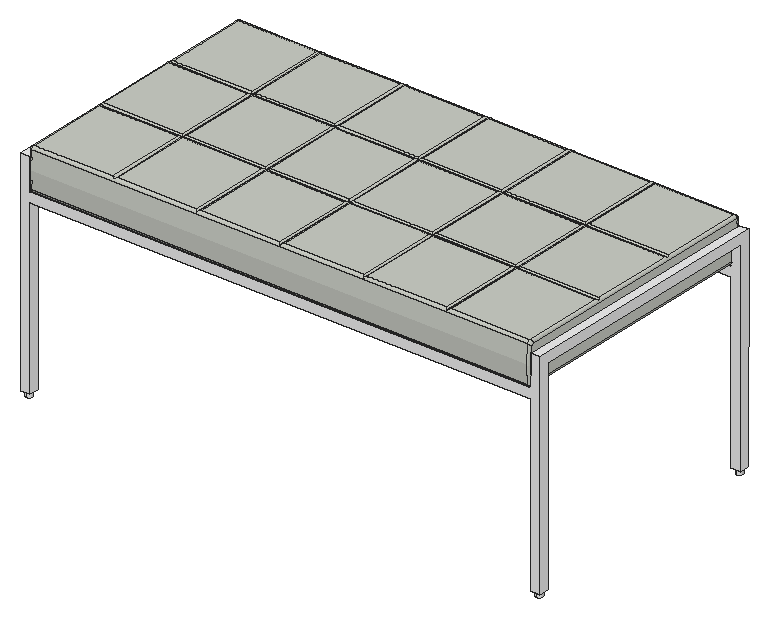
Revit family
Parameters
  Width = 3' - 4"  # constant formula
  URL = "http://elanbydecca.com/"
  Upholstery [instance] = Furniture - DECCA (Elan) - Ethos - Upholstery
  Base [instance] = Furniture - DECCA (Elan) - Ethos - Base
  Product URL = "http://elanbydecca.com/PDFs/elan_tearsheet-vertex.pdf"
  Model = "FT BE635"
  Manufacturer = "Decca Contract"
  Height = 1' - 5 1/2"  # constant formula
  Description = "Ethos, Bench"
  Depth = 1' - 8"  # constant formula
  Assembly Description = "Furniture & Accessories"
  Assembly Code = "E2020200"
Reference planes (in)
  plane 1 "Center Front/Back": y = -0.7524
  plane 2: z = 0
  plane 3 "Center Left/Right": x = 0
  plane 4 "L": x = -20
  plane 5 "R": x = 20
  plane 6 "F": y = -10.7524
  plane 7: y = 9.2476
  plane 8: through (-6.25338, 2.33237, 23.38953) normal (0.4297, -0.4297, 0.7941)
  plane 9 "ST": z = 17.5
  plane 10: z = 0.375
  plane 11: x = -19.25
  plane 12: x = 19.25
  plane 13: z = 16.75
  plane 14: z = 16
  plane 15: z = 13.57168
  plane 16: z = 14.32168
  plane 17: y = 8.4976
  plane 18: y = -10.0024
  plane 19: x = -0.375
  plane 20: x = 0.375
  plane 21: y = 2.58093
  plane 22: y = -4.08573
  plane 23: x = -12.83333
  plane 24: x = -6.41667
  plane 25: x = 0
  plane 26: x = 6.41667
  plane 27: x = 12.83333
  plane 28: x = 19.25
  plane 29: x = -19.25
Forms (in)
  Extrusion 1, solid, material "Furniture - DECCA (Elan) - Ethos - Base" <- "Base"
    sketch origin (0, 0, 0) x (0, 1, 0) y (0, 0, 1)
      loop
        line (9.2476, 0.375) -> (9.2476, 16.75) -> (-10.7524, 16.75) -> (-10.7524, 0.375) -> (-10.0024, 0.375) -> (-10.0024, 16) -> (8.4976, 16) -> (8.4976, 0.375) -> (9.2476, 0.375)
    from -20 to -19.25
  Extrusion 2, solid, material "Furniture - DECCA (Elan) - Ethos - Base" <- "Base"
    sketch origin (0, 0, 0) x (0, 1, 0) y (0, 0, 1)
      loop
        line (9.2476, 0.375) -> (9.2476, 16.75) -> (-10.7524, 16.75) -> (-10.7524, 0.375) -> (-10.0024, 0.375) -> (-10.0024, 16) -> (8.4976, 16) -> (8.4976, 0.375) -> (9.2476, 0.375)
    from 19.25 to 20
  Extrusion 3, solid, material "Furniture - DECCA (Elan) - Ethos - Base" <- "Base"
    sketch origin (0, 0, 0) x (0, 1, 0) y (0, 0, 1)
      loop
        line (9.2476, 13.57168) -> (9.2476, 14.32168) -> (8.4976, 14.32168) -> (8.4976, 13.57168) -> (9.2476, 13.57168)
      loop
        line (-10.7524, 13.57168) -> (-10.0024, 13.57168) -> (-10.0024, 14.32168) -> (-10.7524, 14.32168) -> (-10.7524, 13.57168)
    from -19.25 to 19.25
  Extrusion 4, solid, material "Furniture - DECCA (Elan) - Ethos - Base" <- "Base"
    sketch origin (0, 0, 7.44949) x (0, -1, 0) y (1, 0, 0)
      loop
        circle (-8.8726, -19.625) r 0.25
      loop
        circle (-8.8726, 19.625) r 0.25
      loop
        circle (10.3774, -19.625) r 0.25
      loop
        circle (10.3774, 19.625) r 0.25
    from -7.44949 to -7.07449
  Extrusion 5, solid, material "Furniture - DECCA (Elan) - Ethos - Base" <- "Base"
    sketch origin (0, -16.42176, 0) x (1, 0, 0) y (0, 0, -1)
      loop
        line (-0.375, -14.32168) -> (0.375, -14.32168) -> (0.375, -13.57168) -> (-0.375, -13.57168) -> (-0.375, -14.32168)
    from 6.41936 to 24.91936
  Extrusion 6, solid, material "Furniture - DECCA (Elan) - Ethos - Upholstery" <- "Upholstery"
    sketch origin (0, 0, 0) x (0, 1, 0) y (0, 0, 1)
      loop
        line (9.04223, 17.5) -> (-10.54703, 17.5)
        arc (-10.54703, 17.5) -> (-10.70704, 17.44208) -> (-10.79292, 17.29516) r 0.25
        arc (-10.79292, 17.29516) -> (-10.919, 15.91084) -> (-10.79292, 14.52651) r 7.66267
        arc (-10.79292, 14.52651) -> (-10.70704, 14.3796) -> (-10.54703, 14.32168) r 0.25
        line (-10.54703, 14.32168) -> (9.04223, 14.32168)
        arc (9.04223, 14.32168) -> (9.20224, 14.3796) -> (9.28812, 14.52651) r 0.25
        arc (9.28812, 14.52651) -> (9.4142, 15.91084) -> (9.28812, 17.29516) r 7.66267
        arc (9.28812, 17.29516) -> (9.20224, 17.44208) -> (9.04223, 17.5) r 0.25
    from -19.25 to 19.25
  Sweep 7, void
    path origin (-19.25, 0, 0) x (0, 1, 0) y (0, 0, 1)
      loop
        arc (-10.54703, 17.5) -> (-10.70704, 17.44208) -> (-10.79292, 17.29516) r 0.25
        arc (-10.79292, 17.29516) -> (-10.919, 15.91084) -> (-10.79292, 14.52651) r 7.66267
        arc (-10.79292, 14.52651) -> (-10.70704, 14.3796) -> (-10.54703, 14.32168) r 0.25
        line (-10.54703, 14.32168) -> (9.04223, 14.32168)
        arc (9.04223, 14.32168) -> (9.20224, 14.3796) -> (9.28812, 14.52651) r 0.25
        arc (9.28812, 14.52651) -> (9.4142, 15.91084) -> (9.28812, 17.29516) r 7.66267
        arc (9.28812, 17.29516) -> (9.20224, 17.44208) -> (9.04223, 17.5) r 0.25
        line (9.04223, 17.5) -> (-10.54703, 17.5)
    profile origin (-19.25, -0.7524, 17.5) x (0, 0, 1) y (1, 0, 0)
      loop
        arc (-0.1875, 0) -> (0.13258, -0.13258) -> (0, 0.1875) r 0.1875
        arc (0, 0.1875) -> (-0.05492, 0.05492) -> (-0.1875, 0) r 0.1875
  Sweep 8, void
    path origin (19.25, 0, 0) x (0, 1, 0) y (0, 0, 1)
      loop
        line (9.04223, 17.5) -> (-10.54703, 17.5)
        arc (-10.54703, 17.5) -> (-10.70704, 17.44208) -> (-10.79292, 17.29516) r 0.25
        arc (-10.79292, 17.29516) -> (-10.919, 15.91084) -> (-10.79292, 14.52651) r 7.66267
        arc (-10.79292, 14.52651) -> (-10.70704, 14.3796) -> (-10.54703, 14.32168) r 0.25
        line (-10.54703, 14.32168) -> (9.04223, 14.32168)
        arc (9.04223, 14.32168) -> (9.20224, 14.3796) -> (9.28812, 14.52651) r 0.25
        arc (9.28812, 14.52651) -> (9.4142, 15.91084) -> (9.28812, 17.29516) r 7.66267
        arc (9.28812, 17.29516) -> (9.20224, 17.44208) -> (9.04223, 17.5) r 0.25
    profile origin (19.25, -0.7524, 17.5) x (0, 0, -1) y (1, 0, 0)
      loop
        arc (0.1875, 0) -> (-0.13258, 0.13258) -> (0, -0.1875) r 0.1875
        arc (0, -0.1875) -> (0.05492, -0.05492) -> (0.1875, 0) r 0.1875
  Sweep 9, void
    path origin (0, 0, 17.5) x (-1, 0, 0) y (0, -1, 0)
      loop
        line (20, -2.58093) -> (-20, -2.58093)
    profile origin (0, 2.58093, 17.5) x (0, 1, 0) y (0, 0, 1)
      loop
        arc (0.2207, 0) -> (0, 0.2207) -> (-0.2207, 0) r 0.2207
        line (-0.2207, 0) -> (-0.1796, 0)
        arc (-0.1796, 0) -> (-0.09086, -0.02233) -> (-0.02325, -0.08401) r 0.1875
        line (-0.02325, -0.08401) -> (0, -0.11914) -> (0.02325, -0.08401)
        arc (0.02325, -0.08401) -> (0.09086, -0.02233) -> (0.1796, 0) r 0.1875
        line (0.1796, 0) -> (0.2207, 0)
  Sweep 10, void
    path origin (0, -6.66667, 17.5) x (-1, 0, 0) y (0, -1, 0)
      loop
        line (20, -2.58093) -> (-20, -2.58093)
    profile origin (0, -4.08573, 17.5) x (0, 1, 0) y (0, 0, 1)
      loop
        arc (0.2207, 0) -> (0, 0.2207) -> (-0.2207, 0) r 0.2207
        line (-0.2207, 0) -> (-0.1796, 0)
        arc (-0.1796, 0) -> (-0.09086, -0.02233) -> (-0.02325, -0.08401) r 0.1875
        line (-0.02325, -0.08401) -> (0, -0.11914) -> (0.02325, -0.08401)
        arc (0.02325, -0.08401) -> (0.09086, -0.02233) -> (0.1796, 0) r 0.1875
        line (0.1796, 0) -> (0.2207, 0)
  Sweep 11, void
    path origin (2.58093, 2.58093, 17.5) x (0, -1, 0) y (1, 0, 0)
      loop
        line (20, -2.58093) -> (-20, -2.58093)
    profile origin (0, 2.58093, 17.5) x (-1, 0, 0) y (0, 0, 1)
      loop
        arc (0.2207, 0) -> (0, 0.2207) -> (-0.2207, 0) r 0.2207
        line (-0.2207, 0) -> (-0.1796, 0)
        arc (-0.1796, 0) -> (-0.09086, -0.02233) -> (-0.02325, -0.08401) r 0.1875
        line (-0.02325, -0.08401) -> (0, -0.11914) -> (0.02325, -0.08401)
        arc (0.02325, -0.08401) -> (0.09086, -0.02233) -> (0.1796, 0) r 0.1875
        line (0.1796, 0) -> (0.2207, 0)
  Sweep 12, void
    path origin (-3.83573, 2.58093, 17.5) x (0, -1, 0) y (1, 0, 0)
      loop
        line (20, -2.58093) -> (-20, -2.58093)
    profile origin (-6.41667, 2.58093, 17.5) x (-1, 0, 0) y (0, 0, 1)
      loop
        arc (0.2207, 0) -> (0, 0.2207) -> (-0.2207, 0) r 0.2207
        line (-0.2207, 0) -> (-0.1796, 0)
        arc (-0.1796, 0) -> (-0.09086, -0.02233) -> (-0.02325, -0.08401) r 0.1875
        line (-0.02325, -0.08401) -> (0, -0.11914) -> (0.02325, -0.08401)
        arc (0.02325, -0.08401) -> (0.09086, -0.02233) -> (0.1796, 0) r 0.1875
        line (0.1796, 0) -> (0.2207, 0)
  Sweep 13, void
    path origin (-10.2524, 2.58093, 17.5) x (0, -1, 0) y (1, 0, 0)
      loop
        line (20, -2.58093) -> (-20, -2.58093)
    profile origin (-12.83333, 2.58093, 17.5) x (-1, 0, 0) y (0, 0, 1)
      loop
        arc (0.2207, 0) -> (0, 0.2207) -> (-0.2207, 0) r 0.2207
        line (-0.2207, 0) -> (-0.1796, 0)
        arc (-0.1796, 0) -> (-0.09086, -0.02233) -> (-0.02325, -0.08401) r 0.1875
        line (-0.02325, -0.08401) -> (0, -0.11914) -> (0.02325, -0.08401)
        arc (0.02325, -0.08401) -> (0.09086, -0.02233) -> (0.1796, 0) r 0.1875
        line (0.1796, 0) -> (0.2207, 0)
  Sweep 14, void
    path origin (8.9976, 2.58093, 17.5) x (0, -1, 0) y (1, 0, 0)
      loop
        line (20, -2.58093) -> (-20, -2.58093)
    profile origin (6.41667, 2.58093, 17.5) x (-1, 0, 0) y (0, 0, 1)
      loop
        arc (0.2207, 0) -> (0, 0.2207) -> (-0.2207, 0) r 0.2207
        line (-0.2207, 0) -> (-0.1796, 0)
        arc (-0.1796, 0) -> (-0.09086, -0.02233) -> (-0.02325, -0.08401) r 0.1875
        line (-0.02325, -0.08401) -> (0, -0.11914) -> (0.02325, -0.08401)
        arc (0.02325, -0.08401) -> (0.09086, -0.02233) -> (0.1796, 0) r 0.1875
        line (0.1796, 0) -> (0.2207, 0)
  Sweep 15, void
    path origin (15.41427, 2.58093, 17.5) x (0, -1, 0) y (1, 0, 0)
      loop
        line (20, -2.58093) -> (-20, -2.58093)
    profile origin (12.83333, 2.58093, 17.5) x (-1, 0, 0) y (0, 0, 1)
      loop
        arc (0.2207, 0) -> (0, 0.2207) -> (-0.2207, 0) r 0.2207
        line (-0.2207, 0) -> (-0.1796, 0)
        arc (-0.1796, 0) -> (-0.09086, -0.02233) -> (-0.02325, -0.08401) r 0.1875
        line (-0.02325, -0.08401) -> (0, -0.11914) -> (0.02325, -0.08401)
        arc (0.02325, -0.08401) -> (0.09086, -0.02233) -> (0.1796, 0) r 0.1875
        line (0.1796, 0) -> (0.2207, 0)
Cuts and joins
  Sweep 8 cuts Extrusion 1
  Sweep 8 cuts Extrusion 4
  Sweep 8 cuts Extrusion 5
  joined: Extrusion 1, Extrusion 2, Extrusion 3, Extrusion 4, Extrusion 5
  Sweep 7, Sweep 8, Sweep 9, Sweep 10, Sweep 11, Sweep 12, Sweep 13, Sweep 14, Sweep 15 cuts Extrusion 6
Dimensions and locks (in)
  equal spacing: plane 4 "L", plane 3 "Center Left/Right", plane 5 "R"
  equal spacing: plane 7, plane 1 "Center Front/Back", plane 6 "F"
  "Width": plane 4 "L" to plane 5 "R"
  "Depth": plane 7 to plane 6 "F"
  "Height": plane 9 "ST" to level
  locked: plane 4 "L" to plane 11 at 0.75
  locked: plane 12 to plane 5 "R" at 0.75
  locked: plane 7 to plane 17 at 0.75
  locked: plane 18 to plane 6 "F" at 0.75
  plane 19 to plane 3 "Center Left/Right" to plane 20 = 0' - 0 3/8" locked, 0' - 0 3/8" locked
  equal spacing: plane 7, plane 21, plane 22, plane 6 "F"
  aligned and locked: plane 7 to Extrusion 1 sketch curve
  aligned and locked: plane 10 to Extrusion 1 sketch curve
  aligned and locked: plane 6 "F" to Extrusion 1 sketch curve
  aligned and locked: plane 13 to Extrusion 1 sketch curve
  aligned and locked: plane 14 to Extrusion 1 sketch curve
  aligned and locked: Extrusion 1 to plane 4 "L"
  aligned and locked: plane 11 to Extrusion 1
  aligned and locked: Extrusion 2 to plane 5 "R"
  aligned and locked: plane 12 to Extrusion 2
  aligned and locked: plane 7 to Extrusion 3 sketch curve
  aligned and locked: plane 16 to Extrusion 3 sketch curve
  aligned and locked: plane 15 to Extrusion 3 sketch curve
  aligned and locked: plane 6 "F" to Extrusion 3 sketch curve
  aligned and locked: Extrusion 3 to plane 11
  aligned and locked: Extrusion 3 to plane 12
  aligned and locked: Extrusion 4 to level
  aligned and locked: plane 10 to Extrusion 4
  aligned and locked: plane 16 to Extrusion 5 sketch curve
  aligned and locked: plane 15 to Extrusion 5 sketch curve
  aligned and locked: plane 19 to Extrusion 5 sketch curve
  aligned and locked: Extrusion 5 sketch curve to plane 20
  aligned and locked: plane 17 to Extrusion 5
  aligned and locked: plane 18 to Extrusion 5
  aligned and locked: plane 9 "ST" to Extrusion 6 sketch curve
  aligned and locked: plane 16 to Extrusion 6 sketch curve
  aligned and locked: Extrusion 6 to plane 11
  aligned and locked: Extrusion 6 to plane 12
  aligned and locked: profile plane to Sweep 9 sketch curve  (x2)
  aligned and locked: profile plane to Sweep 10 sketch curve  (x2)
  aligned and locked: profile plane to Sweep 11 sketch curve  (x2)
  aligned and locked: profile plane to Sweep 12 sketch curve  (x2)
  aligned and locked: profile plane to Sweep 13 sketch curve  (x2)
  aligned and locked: profile plane to Sweep 14 sketch curve  (x2)
  aligned and locked: profile plane to Sweep 15 sketch curve  (x2)
Automatic sketch dimensions
  Extrusion 1 sketch curve to plane 18 = 0' - 0"
  Extrusion 1 sketch curve to plane 17 = 0' - 0"
  Extrusion 1 sketch curve to plane 10 = 0' - 0"
  Extrusion 2 sketch curve to plane 6 "F" = 0' - 0"
  Extrusion 2 sketch curve to plane 14 = 0' - 0"
  Extrusion 2 sketch curve to plane 18 = 0' - 0"
  Extrusion 2 sketch curve to plane 10 = 0' - 0"  (x2)
  Extrusion 2 sketch curve to plane 17 = 0' - 0"
  Extrusion 2 sketch curve to plane 7 = 0' - 0"
  Extrusion 2 sketch curve to plane 13 = 0' - 0"
  Extrusion 3 sketch curve to plane 15 = 0' - 0"
  Extrusion 3 sketch curve to plane 18 = 0' - 0"
  Extrusion 3 sketch curve to plane 17 = 0' - 0"
  Extrusion 3 sketch curve to plane 16 = 0' - 0"
  Extrusion 4 sketch curve to plane 7 = 0' - 0 3/8"  (x2)
  plane 6 "F" to Extrusion 4 sketch curve = 0' - 0 3/8"  (x2)
  plane 4 "L" to Extrusion 4 sketch curve = 0' - 0 3/8"  (x2)
  plane 5 "R" to Extrusion 4 sketch curve = 0' - 0 3/8"  (x2)
  Extrusion 6 sketch curve to plane 6 "F" = 0' - 0.04052"  (x2)
  Extrusion 6 sketch curve to Extrusion 6 sketch curve = 0' - 0"  (x3)
  plane 6 "F" to Extrusion 6 sketch curve = 0' - 0.20537"  (x2)
  plane 22 to Extrusion 6 sketch curve = 0' - 0.8294"
  Extrusion 6 sketch curve to plane 14 = 0' - 0.08916"
  Extrusion 6 sketch curve to plane 21 = 0' - 0.8294"
  Extrusion 6 sketch curve to plane 7 = 0' - 0.20537"  (x2)
  plane 7 to Extrusion 6 sketch curve = 0' - 0.04052"  (x2)
  Sweep 7 sketch curve to Sweep 7 sketch curve = 0' - 7.2907"
  Sweep 7 sketch curve to Sweep 7 sketch curve = 0' - 0"
  Extrusion 6 to Sweep 7 sketch curve = 0' - 0.20484"  (x2)
  Sweep 7 sketch curve to profile plane = 0' - 0"  (x2)
  profile plane to Sweep 7 sketch curve = 0' - 0 3/16"
  Sweep 8 sketch curve to Extrusion 6 = 0' - 0 1/4"  (x2)
  Sweep 8 sketch curve to Sweep 8 sketch curve = 0' - 7.2907"
  Sweep 8 sketch curve to Sweep 8 sketch curve = 0' - 0"
  Sweep 8 sketch curve to profile plane = 0' - 0"  (x2)
  Sweep 8 sketch curve to profile plane = 0' - 0 3/16"
  Sweep 9 sketch curve to plane 5 "R" = 0' - 0"
  Sweep 9 sketch curve to plane 4 "L" = 0' - 0"
  Sweep 9 sketch curve to plane 21 = 0' - 0"
  Sweep 9 sketch curve to profile plane = 0' - 0"  (x2)
  profile plane to Sweep 9 sketch curve = 0' - 0.02325"
  profile plane to Sweep 9 sketch curve = 0' - 0.1796"
  Sweep 9 sketch curve to Sweep 9 sketch curve = 0' - 0.0411"  (x2)
  Sweep 9 sketch curve to profile plane = 0' - 0.02325"
  Sweep 9 sketch curve to plane 9 "ST" = 0' - 0.08401"
  Sweep 9 sketch curve to Sweep 9 sketch curve = 0' - 0"
  Sweep 9 sketch curve to Sweep 9 sketch curve = 0' - 0.03513"
  Sweep 10 sketch curve to plane 5 "R" = 0' - 0"
  Sweep 10 sketch curve to plane 4 "L" = 0' - 0"
  Sweep 10 sketch curve to plane 22 = 0' - 0"
  Sweep 10 sketch curve to profile plane = 0' - 0"  (x2)
  profile plane to Sweep 10 sketch curve = 0' - 0.02325"
  profile plane to Sweep 10 sketch curve = 0' - 0.1796"
  Sweep 10 sketch curve to Sweep 10 sketch curve = 0' - 0.0411"  (x2)
  Sweep 10 sketch curve to profile plane = 0' - 0.02325"
  Sweep 10 sketch curve to plane 9 "ST" = 0' - 0.08401"
  Sweep 10 sketch curve to Sweep 10 sketch curve = 0' - 0"
  Sweep 10 sketch curve to Sweep 10 sketch curve = 0' - 0.03513"
  Sweep 11 sketch curve to plane 3 "Center Left/Right" = 0' - 0"
  plane 7 to Sweep 11 sketch curve = 1' - 1.33333"
  Sweep 11 sketch curve to plane 6 "F" = 0' - 6.66667"
  Sweep 11 sketch curve to profile plane = 0' - 0"  (x2)
  profile plane to Sweep 11 sketch curve = 0' - 0.02325"
  profile plane to Sweep 11 sketch curve = 0' - 0.1796"
  Sweep 11 sketch curve to Sweep 11 sketch curve = 0' - 0.0411"  (x2)
  Sweep 11 sketch curve to profile plane = 0' - 0.02325"
  Sweep 11 sketch curve to plane 9 "ST" = 0' - 0.08401"
  Sweep 11 sketch curve to Sweep 11 sketch curve = 0' - 0"
  Sweep 11 sketch curve to Sweep 11 sketch curve = 0' - 0.03513"
  Sweep 12 sketch curve to plane 24 = 0' - 0"
  plane 7 to Sweep 12 sketch curve = 1' - 1.33333"
  Sweep 12 sketch curve to plane 6 "F" = 0' - 6.66667"
  Sweep 12 sketch curve to profile plane = 0' - 0"  (x2)
  profile plane to Sweep 12 sketch curve = 0' - 0.02325"
  profile plane to Sweep 12 sketch curve = 0' - 0.1796"
  Sweep 12 sketch curve to Sweep 12 sketch curve = 0' - 0.0411"  (x2)
  Sweep 12 sketch curve to profile plane = 0' - 0.02325"
  Sweep 12 sketch curve to plane 9 "ST" = 0' - 0.08401"
  Sweep 12 sketch curve to Sweep 12 sketch curve = 0' - 0"
  Sweep 12 sketch curve to Sweep 12 sketch curve = 0' - 0.03513"
  Sweep 13 sketch curve to plane 23 = 0' - 0"
  plane 7 to Sweep 13 sketch curve = 1' - 1.33333"
  Sweep 13 sketch curve to plane 6 "F" = 0' - 6.66667"
  Sweep 13 sketch curve to profile plane = 0' - 0"  (x2)
  profile plane to Sweep 13 sketch curve = 0' - 0.02325"
  profile plane to Sweep 13 sketch curve = 0' - 0.1796"
  Sweep 13 sketch curve to Sweep 13 sketch curve = 0' - 0.0411"  (x2)
  Sweep 13 sketch curve to profile plane = 0' - 0.02325"
  Sweep 13 sketch curve to plane 9 "ST" = 0' - 0.08401"
  Sweep 13 sketch curve to Sweep 13 sketch curve = 0' - 0"
  Sweep 13 sketch curve to Sweep 13 sketch curve = 0' - 0.03513"
  Sweep 14 sketch curve to plane 26 = 0' - 0"
  plane 7 to Sweep 14 sketch curve = 1' - 1.33333"
  Sweep 14 sketch curve to plane 6 "F" = 0' - 6.66667"
  Sweep 14 sketch curve to profile plane = 0' - 0"  (x2)
  profile plane to Sweep 14 sketch curve = 0' - 0.02325"
  profile plane to Sweep 14 sketch curve = 0' - 0.1796"
  Sweep 14 sketch curve to Sweep 14 sketch curve = 0' - 0.0411"  (x2)
  Sweep 14 sketch curve to profile plane = 0' - 0.02325"
  Sweep 14 sketch curve to plane 9 "ST" = 0' - 0.08401"
  Sweep 14 sketch curve to Sweep 14 sketch curve = 0' - 0"
  Sweep 14 sketch curve to Sweep 14 sketch curve = 0' - 0.03513"
  Sweep 15 sketch curve to plane 27 = 0' - 0"
  plane 7 to Sweep 15 sketch curve = 1' - 1.33333"
  Sweep 15 sketch curve to plane 6 "F" = 0' - 6.66667"
  Sweep 15 sketch curve to profile plane = 0' - 0"  (x2)
  profile plane to Sweep 15 sketch curve = 0' - 0.02325"
  profile plane to Sweep 15 sketch curve = 0' - 0.1796"
  Sweep 15 sketch curve to Sweep 15 sketch curve = 0' - 0.0411"  (x2)
  Sweep 15 sketch curve to profile plane = 0' - 0.02325"
  Sweep 15 sketch curve to plane 9 "ST" = 0' - 0.08401"
  Sweep 15 sketch curve to Sweep 15 sketch curve = 0' - 0"
  Sweep 15 sketch curve to Sweep 15 sketch curve = 0' - 0.03513"
  radius of Extrusion 4 sketch curve = 0' - 0 1/4"  (x4)
  radius of Sweep 7 sketch curve to Extrusion 6 = 0' - 0"  (x4)
  radius of Sweep 8 sketch curve to Extrusion 6 = 0' - 0"  (x4)
